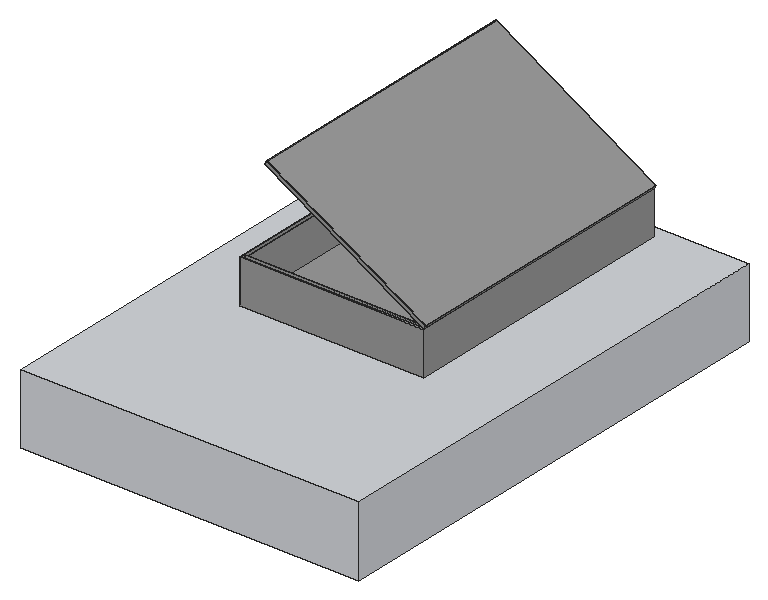
Revit family "Hager-Univers-IP44-D205-H1250-Cl.I-Encl-AT-de", category Equipement électrique, Revit 2020
Family settings
  Hôte = Face
  Configuration du panneau = Deux colonnes, circuits au sein
  Cote de connecteur circulaire = Utiliser le diamètre
  Type d'élément = Tableau de raccordement
  Couper avec des vides une fois chargée = Non
  Partagée = Non
  Point de calcul de pièce = Non
Parameters (values of type "Aufputz IP44 B800 H1250 T205  - FP83TN2")
  Width Control [instance] = if([EF000008 - Breite] > Min Width, [EF000008 - Breite], Min Width)  # 800 mm
  Commentaires du type = [HG000003 - Bereich]  # "Univers"
  Thickness Door [instance] = if([EF009171 - Materialstärke Tür/Deckel] > 3 mm, 3 mm, [EF009171 - Materialstärke Tür/Deckel])  # 1 mm
  Seal Frame Offset [instance] = 17 mm  # constant formula
  Plinth Visibility [instance] = [HG000027 - Sockelhöhe] > 0 mm  # no
  Model = ""
  Min Width [instance] = 100 mm  # constant formula
  Min Height [instance] = 100 mm  # constant formula
  Min Depth [instance] = (2 * [EF009170 - Materialstärke Gehäuse]) + 1 mm  # 3 mm
  Internal Frame Depth [instance] = (Door System Depth * 0.5)  # 9 mm
  Height Control [instance] = if([EF000040 - Höhe] > Min Height, [EF000040 - Höhe], Min Height)  # 1250 mm
  HG000027 - Sockelhöhe = 0 mm
  HG000026 - Stehend auf dem Boden = no
  HG000024 - Höhe des unteren Teils = 800 mm
  HG000023 - Gehäuse mit doppeltem Querschnitt = no
  HG000016 - 3D-Türsichtbarkeit [instance] = yes
  HG000015 - Sichtbarkeit der Türöffnung [instance] = no
  HG000014 - Tür rechts [instance] = yes
  HG000013 - Tür links [instance] = not([HG000014 - Tür rechts])  # no
  HG000012 - Türschwenkwinkel [instance] = 30.00°
  HG000010 - Asymmetrische Türen = no
  HG000009 - Doppelflügeligen Tür = no
  HG000006 - Unterputz = no
  HG000004 - Herstellerreferenz = "FP83TN2"
  HG000003 - Bereich = "Univers"
  HG000002 - Mit tür = yes
  Frame Offset Bottom [instance] = 10 mm  # constant formula
  Frame Offset [instance] = 15 mm  # constant formula
  EF015940 - Deckel mit Überdruckentlastung = no
  EF011959 - Schutzart (NEMA) = ""
  EF009554 - Anzahl der Öffnungen für Flanschplatten = 6
  Fabricant = "Hager"  # constant formula
  EF009212 - Ausführung Deckel = "EV000116 - geschlossen"
  EF009171 - Materialstärke Tür/Deckel = 1 mm
  EF009170 - Materialstärke Gehäuse = 1 mm
  EF008873 - Nennstrom (In) = 250 A
  EF007800 - Geeignet für Blitzschutz = no
  EF006306 - Mit Schloss = no
  EF006244 - Transparenter Deckel/Tür = no
  EF005474 - Schutzart (IP) = "EV006418 - IP44"
  EF004464 - Art der Tür = "EV002646 - Einzel"
  EF004427 - Anzahl der Module = 288
  EF004293 - Schlagfestigkeit = "EV006815 - IK09"
  EF003532 - Geeignet für Außengebrauch = no
  EF002950 - Breite in Teilungseinheiten = 36
  EF001613 - Funktionserhalt = "EV000494 - ohne"
  EF001596 - Werkstoff des Gehäuses = "EV000179 - Stahl"
  EF001131 - Innentiefe = 130 mm
  EF001088 - Anbaumöglichkeit = yes
  EF000437 - Anzahl der Leitungseinführungen = 6
  EF000339 - Art der Abdeckung = "EV001012 - Deckel"
  EF000266 - Anzahl der Reihen = 8
  EF000218 - Einbautiefe = 205 mm
  EF000118 - Mit Montageplatte = no
  EF000116 - RAL-Nummer = "9010"
  EF000049 - Tiefe = 205 mm
  EF000040 - Höhe = 1250 mm
  EF000008 - Breite = 800 mm
  EF000007 - Farbe = "EV000202 - weiß"
  EF000003 - Montageart = "EV000384 - Aufputz"
  Door System Leaf Tolerance [instance] = 1.5 mm  # constant formula
  Door System Depth [instance] = 18 mm  # constant formula
  Door Height [instance] = Height Control - [HG000027 - Sockelhöhe]  # 1250 mm
  Depth Control [instance] = if([EF000049 - Tiefe] > Min Depth, [EF000049 - Tiefe], Min Depth)  # 205 mm
  Default Elevation = 0 mm
  Connector Offset [instance] = Height Control / 2  # 625 mm
  Bottom Top Plate Trim [instance] = 1.5 mm  # constant formula
  Plinth height Ctrl [instance] = if([HG000027 - Sockelhöhe] > 0 mm, [HG000027 - Sockelhöhe], 12 mm)  # 12 mm
Types (4, lengths in mm): name | Width Control | HG000010 - Asymmetrische Türen | HG000009 - Doppelflügeligen Tür | HG000004 - Herstellerreferenz | EF009554 - Anzahl der Öffnungen für Flanschplatten | EF004464 - Art der Tür | EF004427 - Anzahl der Module | EF002950 - Breite in Teilungseinheiten | EF000437 - Anzahl der Leitungseinführungen | EF000008 - Breite
  Aufputz IP44 B1050 H1250 T205  - FP84TN2 | 1050 | no | yes | "FP84TN2" | 8 | "EV003602 - Doppel" | 384 | 48 | 8 | 1050
  Aufputz IP44 B1300 H1250 T205  - FP85TN2 | 1300 | yes | yes | "FP85TN2" | 10 | "EV003602 - Doppel" | 480 | 60 | 10 | 1300
  Aufputz IP44 B550 H1250 T205  - FP82TN2 | 550 | no | no | "FP82TN2" | 4 | "EV002646 - Einzel" | 192 | 24 | 4 | 550
  Aufputz IP44 B800 H1250 T205  - FP83TN2 | 800 | no | no | "FP83TN2" | 6 | "EV002646 - Einzel" | 288 | 36 | 6 | 800
Reference planes
  plane 1 "Center (Front/Back)": y = 0
  plane 2: z = 0
  plane 3 "Center (Left/Right)": x = 0
  plane 4: z = 205
  plane 5: y = 1
  plane 6: y = 625
  plane 7: y = 0
  plane 8: y = 1250
  plane 9: z = 0
  plane 10: x = -385
  plane 11: x = 385
  plane 12: x = 384
  plane 13: x = -384
  plane 14: y = 1249
  plane 15: x = -383
  plane 16: x = -400
  plane 17: x = 383
  plane 18: x = 400
  plane 19: x = 399
  plane 20: x = -399
  plane 21: y = 11
  plane 22: y = 1250
  plane 23: y = 1234
  plane 24: z = 187
  plane 25: z = 1
  plane 26: z = 186
  plane 27: z = 204
Forms (mm)
  Extrusion 1, solid
    sketch origin (0, 0, 0) x (1, 0, 0) y (0, 1, 0)
      loop
        line (-702.964, 1305) -> (-702.964, -811.445) -> (766.763, -811.445) -> (766.763, 1305) -> (-702.964, 1305)
    from 0 to -304.8
  Extrusion 2, solid, material "Hager_Steel_RAL7035_Light_Grey", visible <- "Plinth Visibility", detail levels medium+fine
    sketch origin (0, 0, 0) x (1, 0, 0) y (0, 1, 0)
      loop
        line (-400, 0) -> (400, 0) -> (400, 12) -> (-400, 12) -> (-400, 0)
    from 0 to 187
  Extrusion 3, solid, material "Hager_Steel_RAL7035_Light_Grey", detail levels medium+fine
    sketch origin (0, 0, 0) x (1, 0, 0) y (0, 1, 0)
      loop
        line (-400, 0) -> (400, 0) -> (400, 1250) -> (-400, 1250) -> (-400, 0)
    from 0 to 187
  Extrusion 4, void
    sketch origin (0, 0, 0) x (1, 0, 0) y (0, 1, 0)
      loop
        line (-399, 1) -> (399, 1) -> (399, 1249) -> (-399, 1249) -> (-399, 1)
    from 1 to 186
  Extrusion 5, void
    sketch origin (-381.607, -4572, 187) x (0, -1, 0) y (-1, 0, 0)
      loop
        line (-4583, 2.393) -> (-5806, 2.393) -> (-5806, -765.607) -> (-4583, -765.607) -> (-4583, 2.393)
    from 0 to 1 <- "EF009170 - Materialstärke Gehäuse"
  Extrusion 6, solid, material "Hager_Steel_RAL7035_Light_Grey", detail levels fine
    sketch origin (0, 0, 187) x (1, 0, 0) y (0, 1, 0)
      loop
        line (-384, 1234) -> (-384, 11) -> (384, 11) -> (384, 1234) -> (-384, 1234)
      loop
        line (-385, 10) -> (385, 10) -> (385, 1235) -> (-385, 1235) -> (-385, 10)
    from 0 to 9 <- "Internal Frame Depth"
  Extrusion 7, solid, material "Hager_Steel_RAL7035_Light_Grey", detail levels coarse
    sketch origin (0, 0, 0) x (1, 0, 0) y (0, 1, 0)
      loop
        line (-400, 0) -> (400, 0) -> (400, 1250) -> (-400, 1250) -> (-400, 0)
    from 0 to 205
  Sweep 8, void
    path in 3D
      loop
        line (-400, 12, 0) -> (400, 12, 0) -> (400, 12, 187) -> (-400, 12, 187) -> (-400, 12, 0)
    profile origin (-400, 12, 93.5) x (-1, 0, 0) y (0, -1, 0)
      loop
        line (0, 0) -> (0, 1.5) -> (-1.5, 1.5)
        arc (-1.5, 1.5) -> (-1.061, 0.439) -> (0, 0) r 1.5
Cuts and joins
  Extrusion 4, Extrusion 5 cuts Extrusion 3
  Sweep 8 cuts Extrusion 2
Lines and regions (mm)
  Masking region 1
    outline origin (0, 0, 0) x (1, 0, 0) y (0, 0, 1)
      loop
        line (-400, 205) -> (-400, 0) -> (400, 0) -> (400, 205) -> (-400, 205)
  Masking region 2, detail levels medium+fine
    outline origin (0, 140, 0) x (0, 1, 0) y (0, 0, 1)
      loop
        line (-140, 0) -> (1110, 0) -> (1110, 187) -> (-140, 187) -> (-140, 0)
  Masking region 3, not visible, detail levels medium+fine
    outline origin (0, 297.922, 0) x (0, 1, 0) y (0, 0, 1)
      loop
        line (338.578, 0) -> (378.578, 0) -> (378.578, 194)
        arc (378.578, 194) -> (375.649, 201.071) -> (368.578, 204) r 10
        line (368.578, 204) -> (338.578, 204) -> (338.578, 0)
  Masking region 4, detail levels coarse
    outline origin (0, 0, 180) x (0, 1, 0) y (0, 0, 1)
      loop
        line (0, -180) -> (1250, -180) -> (1250, 25) -> (0, 25) -> (0, -180)
  Masking region 5, visible <- "Plinth Visibility", detail levels medium+fine
    outline origin (0, 52.24, 12.345) x (0, 0, -1) y (0, 1, 0)
      loop
        line (10.845, -40.24) -> (-173.155, -40.24)
        arc (-173.155, -40.24) -> (-173.594, -41.301) -> (-174.655, -41.74) r 1.5
        line (-174.655, -41.74) -> (-174.655, -52.24) -> (12.345, -52.24) -> (12.345, -41.74)
        arc (12.345, -41.74) -> (11.285, -41.301) -> (10.845, -40.24) r 1.5
  Masking region 6, detail levels medium+fine
    outline origin (-381.607, -4572, 187) x (-1, 0, 0) y (0, -1, 0)
      loop
        line (18.393, -5822) -> (18.393, -4572) -> (-781.607, -4572) -> (-781.607, -5822) -> (18.393, -5822)
  Masking region 7, visible <- "Plinth Visibility", detail levels medium+fine
    outline origin (-381.607, -4727, 187) x (-1, 0, 0) y (0, -1, 0)
      loop
        arc (16.893, -4739) -> (17.332, -4737.939) -> (18.393, -4737.5) r 1.5
        line (18.393, -4737.5) -> (18.393, -4727) -> (-781.607, -4727) -> (-781.607, -4737.5)
        arc (-781.607, -4737.5) -> (-780.546, -4737.939) -> (-780.107, -4739) r 1.5
        line (-780.107, -4739) -> (16.893, -4739)
  Masking region 8, detail levels coarse
    outline origin (-442.548, -4669.526, 187) x (-1, 0, 0) y (0, -1, 0)
      loop
        line (-42.548, -5919.526) -> (-42.548, -4669.526) -> (-842.548, -4669.526) -> (-842.548, -5919.526) -> (-42.548, -5919.526)
  sketch lines
    curve 1: line (-400, 12, 187) -> (-400, 12, 0)
    curve 2: line (400, 12, 187) -> (-400, 12, 187)
    curve 3: line (400, 12, 187) -> (400, 12, 0)
    curve 4: line (-400, 12, 0) -> (400, 12, 0)
Dimensions and locks
  "Depth Control": plane 4 to Extrusion 1
  "HG000027 - Sockelhöhe": plane 1 "Center (Front/Back)" to plane 7
  "EF009170 - Materialstärke Gehäuse": plane 5 to plane 7
  locked: connector elem to plane 3 "Center (Left/Right)"
  equal spacing: plane 8, plane 6, plane 7
  locked: connector elem to plane 6
  "EF009170 - Materialstärke Gehäuse": plane 8 to plane 14
  "EF009170 - Materialstärke Gehäuse": plane 10 to plane 13
  "EF009170 - Materialstärke Gehäuse": plane 12 to plane 11
  "Frame Offset": plane 20 to plane 13
  "Frame Offset": plane 12 to plane 19
  "EF009170 - Materialstärke Gehäuse": plane 16 to plane 20
  "EF009170 - Materialstärke Gehäuse": plane 19 to plane 18
  "Seal Frame Offset": plane 16 to plane 15
  "Seal Frame Offset": plane 17 to plane 18
  "Frame Offset Bottom": plane 21 to plane 5
  "Frame Offset": plane 14 to plane 23
  equal spacing: plane 16, plane 3 "Center (Left/Right)", plane 18
  "Width Control": plane 16 to plane 18
  "EF009170 - Materialstärke Gehäuse": plane 4 to plane 27
  "EF009170 - Materialstärke Gehäuse": plane 24 to plane 26
  "EF009170 - Materialstärke Gehäuse": plane 25 to level
  "Door System Depth": plane 4 to plane 24
  "Height Control": plane 1 "Center (Front/Back)" to Extrusion 7 sketch curve
  "Height Control": Masking region 4 sketch curve to plane 1 "Center (Front/Back)"
  "Height Control": plane 1 "Center (Front/Back)" to plane 22
  "Bottom Top Plate Trim": profile plane to Sweep 8 sketch curve
  "Bottom Top Plate Trim": Sweep 8 sketch curve to profile plane
  "Plinth height Ctrl": plane 1 "Center (Front/Back)" to Extrusion 2 sketch curve
  "Plinth height Ctrl": Masking region 5 sketch curve to plane 1 "Center (Front/Back)"
  "Plinth height Ctrl": plane 1 "Center (Front/Back)" to Masking region 7 sketch curve
  "Thickness Door": Extrusion 6 sketch curve to Extrusion 6 sketch curve  (x3)
  "Thickness Door": cut or joined group of Extrusion 3, Extrusion 4, Extrusion 5 to Extrusion 6 sketch curve
  radius of Masking region 3 sketch curve = 10 mm
  "Bottom Top Plate Trim": radius of Masking region 5 sketch curve  (x2)
  "Bottom Top Plate Trim": radius of Sweep 8 sketch curve
  "Bottom Top Plate Trim": radius of Masking region 7 sketch curve  (x2)
  aligned and locked: plane 2 to Extrusion 1
  aligned and locked: level to Extrusion 1
  aligned and locked: level to Masking region 1 sketch curve
  aligned and locked: Masking region 1 sketch curve to plane 18
  aligned and locked: Masking region 1 sketch curve to plane 16
  aligned and locked: plane 7 to Masking region 2 sketch curve
  aligned and locked: level to Masking region 3 sketch curve
  aligned and locked: Masking region 3 sketch curve to plane 27
  aligned and locked: level to Masking region 2 sketch curve
  aligned and locked: plane 1 "Center (Front/Back)" to Extrusion 2 sketch curve
  aligned and locked: Extrusion 3 sketch curve to plane 7
  aligned and locked: plane 16 to Extrusion 3 sketch curve
  aligned and locked: plane 18 to Extrusion 3 sketch curve
  aligned and locked: plane 20 to Extrusion 4 sketch curve
  aligned and locked: plane 19 to Extrusion 4 sketch curve
  aligned and locked: Extrusion 4 sketch curve to plane 5
  aligned and locked: Extrusion 4 to plane 25
  aligned and locked: plane 26 to Extrusion 4
  aligned and locked: plane 24 to Extrusion 3
  aligned and locked: Extrusion 5 sketch curve to plane 21
  aligned and locked: Extrusion 5 sketch curve to plane 13
  aligned and locked: Extrusion 5 sketch curve to plane 12
  aligned and locked: plane 18 to Extrusion 7 sketch curve
  aligned and locked: plane 1 "Center (Front/Back)" to Extrusion 7 sketch curve
  aligned and locked: plane 16 to Extrusion 7 sketch curve
  aligned and locked: plane 4 to Extrusion 7
  aligned and locked: Extrusion 7 to level
  aligned and locked: level to Masking region 4 sketch curve
  aligned and locked: Masking region 4 sketch curve to plane 1 "Center (Front/Back)"
  aligned and locked: Masking region 4 sketch curve to plane 4
  aligned and locked: nested 1 to level
  aligned and locked: nested 1 to plane 16
  aligned and locked: plane 8 to Extrusion 3 sketch curve
  aligned and locked: plane 23 to Extrusion 5 sketch curve
  aligned and locked: plane 14 to Extrusion 4 sketch curve
  aligned and locked: Masking region 2 sketch curve to plane 8
  aligned and locked: level to Masking region 5 sketch curve
  aligned and locked: plane 16 to Extrusion 2 sketch curve
  aligned and locked: plane 18 to Extrusion 2 sketch curve
  aligned and locked: Masking region 5 sketch curve to plane 24
  aligned and locked: Masking region 2 sketch curve to plane 24
  aligned and locked: plane 24 to Extrusion 2
  aligned and locked: profile plane to Sweep 8 sketch curve  (x2)
  aligned and locked: Masking region 6 sketch curve to plane 18
  aligned and locked: Masking region 6 sketch curve to plane 22
  aligned and locked: Masking region 6 sketch curve to plane 16
  aligned and locked: plane 8 to plane 22
  aligned and locked: Masking region 6 sketch curve to plane 7
  aligned and locked: Masking region 7 sketch curve to plane 16
  aligned and locked: Masking region 7 sketch curve to plane 1 "Center (Front/Back)"
  aligned and locked: Masking region 7 sketch curve to plane 18
  aligned and locked: Masking region 8 sketch curve to plane 1 "Center (Front/Back)"
  aligned and locked: Masking region 8 sketch curve to plane 18
  aligned and locked: Masking region 8 sketch curve to plane 22
  aligned and locked: Masking region 8 sketch curve to plane 16
  aligned and locked: nested 2 to plane 7
  aligned and locked: plane 3 "Center (Left/Right)" to nested 2
  aligned and locked: nested 2 to plane 24
  aligned and locked: Extrusion 6 sketch curve to cut or joined group of Extrusion 3, Extrusion 4, Extrusion 5  (x4)
Automatic sketch dimensions
  Extrusion 1 sketch curve to Extrusion 1 sketch curve = 1469.727 mm
  Extrusion 1 sketch curve to Extrusion 1 sketch curve = 2116.445 mm
  Masking region 1 sketch curve to plane 4 = 0 mm
  plane 6 to Masking region 3 sketch curve = 11.5 mm
  Masking region 3 sketch curve to Masking region 3 sketch curve = 30 mm
  Masking region 5 sketch curve to plane 1 "Center (Front/Back)" = 0 mm
Nested families
  nested 1: "Hager_Enclosure_Symbol" at (-400, 0, 0) x (1, 0, 0) z (0, -1, 0), Height <- "Depth Control", Width <- "Width Control", type "Hager_Enclosure_Symbol"
    with Width_Ctrl 800 mm, Width 800 mm, Height_Ctrl 205 mm, Height 205 mm, A_Width_Int 13.453 mm, A_Width 161.438 mm, A_Height_Ctrl 179.375 mm, A_Height 179.375 mm
  nested 2: "EC000058_Univers_Door" at (0, 0, 187) x (1, 0, 0) z (0, 1, 0), Leaf_Tolerance <- "Door System Leaf Tolerance", Angle <- "HG000012 - Türschwenkwinkel", Door_Depth <- "Door System Depth", Door_Left <- "HG000013 - Tür links", Transparent <- "EF006244 - Transparenter Deckel/Tür", Assymetrical <- "HG000010 - Asymmetrische Türen", Width <- "Width Control", Clearance <- "HG000015 - Sichtbarkeit der Türöffnung", Double <- "HG000009 - Doppelflügeligen Tür", 3d_Door <- "HG000016 - 3D-Türsichtbarkeit", Lock_Visibility <- "EF006306 - Mit Schloss", Width_Ctrl <- "Width Control", Door_Right <- "HG000014 - Tür rechts", Door <- "HG000002 - Mit tür", Height <- "Door Height", Thickness <- "Thickness Door", type "EC000058_Univers_Door", detail levels medium+fine
    with min_wh 3 mm, Width_Ctrl 800 mm, Width 800 mm, Transparent no, Thickness 1 mm, Seal_Material Hager_Rubber, Lock_Visibility no, Lock_Material Hager_Plastic_RAL9005_Jet_Black, Leaf_Width 800 mm, Leaf_Tolerance_External_Sides 0 mm, Leaf_Tolerance 1.5 mm, Leaf_Offset 0 mm, Leaf_Height 1247 mm, Leaf_2_Width 800 mm, Leaf_2_Offset 400 mm, Leaf_1_Width 800 mm, Leaf_1_Offset 400 mm, Height_Ctrl 1250 mm, Height 1250 mm, Glass_Material Hager_Glass, Double_Clearance_Ctrl no, Double no, Door_Right_Ctrl yes, Door_Right yes, Door_Material Hager_Steel_RAL7035_Light_Grey, Door_Left_Ctrl no, Door_Left no, Door_Depth 18 mm, Door yes, Clearance_Material Hager_Clearance, Clearance_Depth 800 mm, Clearance_Ctrl no, Clearance no, Assymetrical no, Angle 30.00°, 3d_Door yes
Connectors
  electrical at (0, 625, 0)
    settings: on plane 9, index 1, voltage 0 V, apparent load 0 VA, apparent load phase1 0 VA, apparent load phase2 0 VA, apparent load phase3 0 VA, power factor 1, load classification "Other", number of poles 1, system type 30, power factor state 1, is connector primary yes, connector utility no, sub classification motor no, connector description ""
Definition of nested family "EC000058_Univers_Door"
  Parameters (values of type "EC000058_Univers_Door")
    min_wh [instance] = (2 * Thickness) + 1 mm  # 11 mm
    Width_Ctrl [instance] = 400 mm
    Width [instance] = 500 mm
    Transparent [instance] = yes
    Thickness [instance] = 5 mm
    Seal_Material [instance] = none
    Lock_Visibility [instance] = yes
    Lock_Material [instance] = none
    Leaf_Width [instance] = if((Width_Ctrl - 2 * Leaf_Tolerance_External_Sides) > 0 mm, (Width_Ctrl - 2 * Leaf_Tolerance_External_Sides), min_wh)  # 400 mm
    Leaf_Tolerance_External_Sides [instance] = 0 mm  # constant formula
    Leaf_Tolerance [instance] = 1.5 mm
    Leaf_Offset [instance] = 0 mm  # constant formula
    Leaf_Height [instance] = if((Height_Ctrl - 2 * Leaf_Tolerance) > 0 mm, (Height_Ctrl - 2 * Leaf_Tolerance), min_wh)  # 497 mm
    Leaf_2_Width [instance] = if(and(and(Double, Assymetrical), Door_Left), (Leaf_Width / 3) - (Leaf_Tolerance / 2), if(and(and(Double, Assymetrical), Door_Right), (Leaf_Width / 3) * 2 - (Leaf_Tolerance / 2), if(and(Double, not(Assymetrical)), (Leaf_Width / 2) - Leaf_Tolerance, Leaf_Width)))  # 400 mm
    Leaf_2_Offset [instance] = if(and(Double, Assymetrical), Leaf_2_Width / 2, if(and(Double, not(Assymetrical)), Leaf_Width / 4, Leaf_Width / 2))  # 200 mm
    Leaf_1_Width [instance] = if(and(and(Double, Assymetrical), Door_Right), (Leaf_Width / 3) - (Leaf_Tolerance / 2), if(and(and(Double, Assymetrical), Door_Left), (Width / 3) * 2 - (Leaf_Tolerance / 2), if(and(Double, not(Assymetrical)), (Leaf_Width / 2) - Leaf_Tolerance, Leaf_Width)))  # 400 mm
    Leaf_1_Offset [instance] = if(and(Double, Assymetrical), Leaf_1_Width / 2, if(and(Double, not(Assymetrical)), Leaf_Width / 4, Leaf_Width / 2))  # 200 mm
    Height_Ctrl [instance] = if(Height > min_wh, Height, min_wh)  # 500 mm
    Height [instance] = 500 mm
    Glass_Material [instance] = none
    Double_Clearance_Ctrl [instance] = and(Double, Clearance)  # no
    Double [instance] = no
    Door_Right_Ctrl [instance] = and(or(Door_Right, Double), Door)  # yes
    Door_Right [instance] = yes
    Door_Material [instance] = none
    Door_Left_Ctrl [instance] = and(or(Door_Left, Double), Door)  # no
    Door_Left [instance] = no
    Door_Depth [instance] = 30 mm
    Door [instance] = yes
    Default Elevation = 1219.2 mm
    Clearance_Material [instance] = none
    Clearance_Depth [instance] = if(Leaf_1_Width > Leaf_2_Width, Leaf_1_Width, Leaf_2_Width)  # 400 mm
    Clearance_Ctrl [instance] = and(not(Double), Clearance)  # yes
    Clearance [instance] = yes
    Assymetrical [instance] = yes
    Angle [instance] = 30.00°
    3d_Door [instance] = yes
  Reference planes
    plane 1 "Center (Front/Back)": y = 0
    plane 2 "Bottom": z = 0
    plane 3 "Center (Left/Right)": x = 0
    plane 4: z = 500
    plane 5: x = -200
    plane 6: x = 200
    plane 7: z = 500
    plane 8: x = -200
    plane 9: z = 0
    plane 10: x = 200
    plane 11: y = 0
    plane 12: z = 1.5
    plane 13: x = -600
    plane 14: y = -400
    plane 15: x = 600
    plane 16: x = 0
    plane 17: x = 0
    plane 18: x = -200
    plane 19: x = 200
    plane 20: z = 498.5
  Forms (mm)
    Extrusion 1, solid, material <- "Clearance_Material", visible <- "Double_Clearance_Ctrl"
      sketch origin (1200, 0, 0) x (1, 0, 0) y (0, 0, -1)
        loop
          line (-1800, -498.5) -> (-600, -498.5) -> (-600, 0) -> (-1800, 0) -> (-1800, -498.5)
      from 0 to -400
  Dimensions and locks
    equal spacing: plane 5, plane 3 "Center (Left/Right)", plane 6
    "Width_Ctrl": plane 5 to plane 6
    "Leaf_Offset": plane 5 to plane 8
    "Leaf_Offset": plane 6 to plane 10
    "Leaf_Offset": plane 9 to level
    "Leaf_Offset": plane 4 to plane 7
    "Height_Ctrl": plane 4 to level
    "Leaf_Tolerance": plane 12 to plane 9
    locked: plane 11 to plane 1 "Center (Front/Back)"
    "Leaf_1_Offset": plane 18 to plane 16
    "Leaf_2_Offset": plane 17 to plane 19
    "Leaf_1_Width": plane 13 to plane 8
    "Leaf_2_Width": plane 10 to plane 15
    "Clearance_Depth": plane 14 to plane 1 "Center (Front/Back)"
    "Leaf_Tolerance_External_Sides": plane 8 to plane 18
    "Leaf_Tolerance_External_Sides": plane 19 to plane 10
    "Leaf_Tolerance": plane 7 to plane 20
    aligned and locked: level to plane 2 "Bottom"
    aligned and locked: nested 1 to plane 16
    aligned and locked: nested 2 to plane 17
    aligned and locked: Extrusion 1 to plane 13
    aligned and locked: plane 15 to Extrusion 1
    aligned and locked: Extrusion 1 to plane 14
    aligned and locked: plane 12 to nested 1
    aligned and locked: nested 2 to plane 12
    aligned and locked: Extrusion 1 to plane 11
    aligned and locked: plane 20 to Extrusion 1
    aligned and locked: nested 2 to plane 11
    aligned and locked: nested 1 to plane 11
  Automatic sketch dimensions
    Extrusion 1 sketch curve to level = 0 mm
    plane 5 to Extrusion 1 sketch curve = 400 mm
    plane 6 to Extrusion 1 sketch curve = 400 mm
    Extrusion 1 sketch curve to plane 4 = 1.5 mm
  Nested families
    nested 1: "EC000058_Univers_Door_Leaf" at (0, 0, 1.5), Width <- "Leaf_1_Width", visible <- "Door_Left_Ctrl", Leaf_Height <- "Leaf_Height", Angle <- "Angle", 3d_Door <- "3d_Door", Transparent <- "Transparent", Clearance Material <- "Clearance_Material", Clearance <- "Clearance_Ctrl", Door_Material <- "Door_Material", Glass_Material <- "Glass_Material", Door_Depth <- "Door_Depth", Lock_Material <- "Lock_Material", Seal_Material <- "Seal_Material", Lock_Visibility <- "Lock_Visibility", Thickness <- "Thickness", type "EC000058_Univers_Door_Leaf"
      with Width 400 mm, Transparent_Glass_Offset 30 mm, Transparent_Ctrl yes, Transparent yes, Thickness 5 mm, Standard no, Seal_Material none, Seal_D2 8 mm, Seal_D1 1 mm, Offset_Internal_Frame 10 mm, Lock_Width 20 mm, Lock_Visibility_3d yes, Lock_Visibility yes, Lock_Thickness_3 3 mm, Lock_Thickness_2 1 mm, Lock_Thickness_1 3 mm, Lock_Radius_Offset_2 16 mm, Lock_Radius_Offset_1 15 mm, Lock_Radius_2 5 mm, Lock_Radius 6 mm, Lock_Offset 5 mm, Lock_Material none, Lock_Height 80 mm, Lock_Cover_Top_Offset_2d 17 mm, Lock_Cover_Height -65 mm, Leaf_Height 497 mm, Internal_Seal_Thickness 8 mm, Internal_Seal_Depth_2 4.5 mm, Internal_Frame_Depth 25 mm, Glass_Thickness -1 mm, Glass_Offset -2 mm, Glass_Material none, Door_Material none, Door_Depth 30 mm, Clearance Material none, Clearance yes, Angle_Ctrl 30.00°, Angle 30.00°, 3d_Door yes
    nested 2: "EC000058_Univers_Door_Leaf" at (0, 0, 1.5) x (-1, 0, 0) z (0, 0, 1), Width <- "Leaf_2_Width", visible <- "Door_Right_Ctrl", Leaf_Height <- "Leaf_Height", Angle <- "Angle", 3d_Door <- "3d_Door", Transparent <- "Transparent", Clearance Material <- "Clearance_Material", Clearance <- "Clearance_Ctrl", Door_Material <- "Door_Material", Glass_Material <- "Glass_Material", Door_Depth <- "Door_Depth", Lock_Material <- "Lock_Material", Seal_Material <- "Seal_Material", Lock_Visibility <- "Lock_Visibility", Thickness <- "Thickness", type "EC000058_Univers_Door_Leaf"
      with Width 400 mm, Transparent_Glass_Offset 30 mm, Transparent_Ctrl yes, Transparent yes, Thickness 5 mm, Standard no, Seal_Material none, Seal_D2 8 mm, Seal_D1 1 mm, Offset_Internal_Frame 10 mm, Lock_Width 20 mm, Lock_Visibility_3d yes, Lock_Visibility yes, Lock_Thickness_3 3 mm, Lock_Thickness_2 1 mm, Lock_Thickness_1 3 mm, Lock_Radius_Offset_2 16 mm, Lock_Radius_Offset_1 15 mm, Lock_Radius_2 5 mm, Lock_Radius 6 mm, Lock_Offset 5 mm, Lock_Material none, Lock_Height 80 mm, Lock_Cover_Top_Offset_2d 17 mm, Lock_Cover_Height -65 mm, Leaf_Height 497 mm, Internal_Seal_Thickness 8 mm, Internal_Seal_Depth_2 4.5 mm, Internal_Frame_Depth 25 mm, Glass_Thickness -1 mm, Glass_Offset -2 mm, Glass_Material none, Door_Material none, Door_Depth 30 mm, Clearance Material none, Clearance yes, Angle_Ctrl 30.00°, Angle 30.00°, 3d_Door yes
  Definition of nested family "EC000058_Univers_Door_Leaf"
    Parameters (values of type "EC000058_Univers_Door_Leaf")
      Width [instance] = 2000 mm
      Transparent_Glass_Offset [instance] = 30 mm
      Transparent_Ctrl [instance] = and(Transparent, [3d_Door])  # yes
      Transparent [instance] = yes
      Thickness [instance] = 5 mm
      Standard [instance] = and(not(Transparent), [3d_Door])  # no
      Seal_Material [instance] = none
      Seal_D2 [instance] = 8 mm  # constant formula
      Seal_D1 [instance] = 1 mm  # constant formula
      Offset_Internal_Frame [instance] = 10 mm  # constant formula
      Lock_Width [instance] = 20 mm  # constant formula
      Lock_Visibility_3d [instance] = and(Lock_Visibility, [3d_Door])  # yes
      Lock_Visibility [instance] = yes
      Lock_Thickness_3 [instance] = 3 mm  # constant formula
      Lock_Thickness_2 [instance] = 1 mm  # constant formula
      Lock_Thickness_1 [instance] = 3 mm  # constant formula
      Lock_Radius_Offset_2 [instance] = Lock_Radius_Offset_1 + 1 mm  # 16 mm
      Lock_Radius_Offset_1 [instance] = 15 mm  # constant formula
      Lock_Radius_2 [instance] = Lock_Radius - 1 mm  # 5 mm
      Lock_Radius [instance] = 6 mm  # constant formula
      Lock_Offset [instance] = 5 mm  # constant formula
      Lock_Material [instance] = none
      Lock_Height [instance] = 80 mm  # constant formula
      Lock_Cover_Top_Offset_2d [instance] = Lock_Radius_Offset_2 + 1 mm  # 17 mm
      Lock_Cover_Height [instance] = -(Lock_Height - Lock_Radius_Offset_1)  # -65 mm
      Leaf_Height [instance] = 2720.336 mm
      Internal_Seal_Thickness [instance] = 8 mm  # constant formula
      Internal_Seal_Depth_2 [instance] = 4.5 mm  # constant formula
      Internal_Frame_Depth [instance] = if(Door_Depth - Thickness > 5 mm, Door_Depth - Thickness, 5 mm)  # 25 mm
      Glass_Thickness [instance] = if(Thickness > 15 mm, Glass_Offset + 10 mm, -1 mm)  # -1 mm
      Glass_Offset [instance] = if(Thickness > 15 mm, -(Thickness + 10 mm) / 2, -2 mm)  # -2 mm
      Glass_Material [instance] = none
      Door_Material [instance] = none
      Door_Depth [instance] = 30 mm
      Default Elevation = 0 mm
      Clearance Material [instance] = none
      Clearance [instance] = yes
      Angle_Ctrl [instance] = if(Angle > 180.00°, 180.00°, Angle)  # 90.00°
      Angle [instance] = 90.00°
      3d_Door [instance] = yes
    Reference planes
      plane 1 "Center (Front/Back)": y = 0
      plane 2: z = 0
      plane 3 "Center (Left/Right)": x = 0
      plane 4: y = 2000
      plane 5: x = -1000
      plane 6: x = 1000
      plane 7: x = -3000
      plane 8: z = 2720.336
      plane 9: z = 30
      plane 10: z = 2690.336
      plane 11: x = 970
      plane 12: x = -970
      plane 13: y = -3
      plane 14: z = 107.833
      plane 15: y = -5
      plane 16: y = -223.314
      plane 17: x = -1000
      plane 18: z = 1360.168
      plane 19: y = 30
    Forms (mm)
      Extrusion 1, solid, material <- "Clearance Material", visible <- "Clearance"
        sketch origin (0, 0, 0) x (1, 0, 0) y (0, 0, 1)
          loop
            line (-3000, 2720.336) -> (-3000, 0) -> (1000, 0) -> (1000, 2720.336) -> (-3000, 2720.336)
        from 0 to -2000
      Extrusion 2, solid, material <- "Door_Material", visible <- "Standard", detail levels medium+fine
        sketch origin (-1000, 0, 0) x (0, 1, 0) y (-1, 0, 0)
          loop
            line (0, 30) -> (0, 25) -> (2000, 25) -> (2000, 30) -> (0, 30)
        from 0 to 2720.336 <- "Leaf_Height"
      Extrusion 3, solid, material <- "Door_Material", visible <- "Transparent_Ctrl", detail levels medium+fine
        sketch origin (-1000, 0, 0) x (0, 1, 0) y (-1, 0, 0)
          loop
            line (0, 25) -> (2000, 25) -> (2000, 30) -> (0, 30) -> (0, 25)
        from 0 to 2720.336 <- "Leaf_Height"
      Extrusion 4, void
        sketch origin (-1025, 2000, 0) x (0, 1, 0) y (0, 0, -1)
          loop
            line (-30, -2690.336) -> (-30, -30) -> (-1970, -30) -> (-1970, -2690.336) -> (-30, -2690.336)
        from 0 to 5 <- "Thickness"
      Sweep 5, solid, material <- "Seal_Material", visible <- "Transparent_Ctrl", detail levels fine
        path in 3D
          loop
            line (-1025, 30, 30) -> (-1025, 30, 2690.336) -> (-1025, 1970, 2690.336) -> (-1025, 1970, 30) -> (-1025, 30, 30)
        profile origin (-1025, 1000, 30) x (1, 0, 0) y (0, 0, 1)
          loop
            line (0, 0) -> (0, -8) -> (1, -8) -> (1, 0) -> (0, 0)
      Extrusion 6, solid, material <- "Glass_Material", visible <- "Transparent_Ctrl", detail levels medium+fine
        sketch origin (-1030, 0, 0) x (0, 1, 0) y (0, 0, -1)
          loop
            line (1970, -2690.336) -> (1970, -30) -> (30, -30) -> (30, -2690.336) -> (1970, -2690.336)
        from -2 <- "Glass_Offset" to -1 <- "Glass_Thickness"
      Extrusion 7, solid, material <- "Door_Material", visible <- "3d_Door", detail levels medium+fine
        sketch origin (-1025, 2000, 0) x (0, -1, 0) y (0, 0, -1)
          loop
            line (0, -2720.336) -> (2000, -2720.336) -> (2000, 0) -> (0, 0) -> (0, -2720.336)
          loop
            line (1995, -5) -> (5, -5) -> (5, -2715.336) -> (1995, -2715.336) -> (1995, -5)
        from 0 to 25 <- "Internal_Frame_Depth"
      Sweep 8, solid, material <- "Seal_Material", visible <- "Transparent_Ctrl", detail levels fine
        path in 3D
          loop
            line (-1025, 0, 0) -> (-1025, 2000, 0) -> (-1025, 2000, 2720.336) -> (-1025, 0, 2720.336) -> (-1025, 0, 0)
        profile origin (-1025, 0, 1360.168) x (1, 0, 0) y (0, 1, 0)
          loop
            line (0, 10) -> (2.975, 10)
            arc (2.975, 10) -> (4.053, 10.447) -> (4.5, 11.525) r 1.525
            line (4.5, 11.525) -> (4.5, 16.527)
            arc (4.5, 16.527) -> (4.069, 17.569) -> (3.027, 18) r 1.473
            line (3.027, 18) -> (0, 18) -> (0, 10)
      Extrusion 9, solid, material <- "Lock_Material", visible <- "Lock_Visibility_3d", detail levels fine
        sketch origin (-1030, 0, 0) x (0, 1, 0) y (0, 0, -1)
          loop
            arc (1993.5, -1400.168) -> (1994.561, -1399.729) -> (1995, -1398.668) r 1.5
            line (1995, -1398.668) -> (1995, -1320.168) -> (1975, -1320.168) -> (1975, -1398.668)
            arc (1975, -1398.668) -> (1975.439, -1399.729) -> (1976.5, -1400.168) r 1.5
            line (1976.5, -1400.168) -> (1993.5, -1400.168)
        from 3 <- "Lock_Thickness_1" to 0
      Blend 10, solid, material <- "Lock_Material", visible <- "Lock_Visibility_3d", detail levels fine
        base sketch origin (-1033, 0, 0) x (0, 1, 0) y (0, 0, -1)
          loop
            line (1975, -1320.168) -> (1975, -1398.668)
            arc (1975, -1398.668) -> (1975.439, -1399.729) -> (1976.5, -1400.168) r 1.5
            line (1976.5, -1400.168) -> (1993.5, -1400.168)
            arc (1993.5, -1400.168) -> (1994.561, -1399.729) -> (1995, -1398.668) r 1.5
            line (1995, -1398.668) -> (1995, -1320.168) -> (1975, -1320.168)
        top sketch origin (-1033, 0, 0) x (0, 1, 0) y (0, 0, -1)
          loop
            line (1976, -1320.168) -> (1976, -1398.668)
            arc (1976, -1398.668) -> (1976.146, -1399.022) -> (1976.5, -1399.168) r 0.5
            line (1976.5, -1399.168) -> (1993.5, -1399.168)
            arc (1993.5, -1399.168) -> (1993.854, -1399.022) -> (1994, -1398.668) r 0.5
            line (1994, -1398.668) -> (1994, -1320.168) -> (1976, -1320.168)
        from 0 to 1 <- "Lock_Thickness_2"
      Blend 11, solid, material <- "Lock_Material", visible <- "Lock_Visibility_3d", detail levels fine
        base sketch origin (-1034, 0, 0) x (0, 1, 0) y (0, 0, -1)
          loop
            line (1978, -1320.168) -> (1978, -1384.168)
            arc (1978, -1384.168) -> (1985, -1391.168) -> (1992, -1384.168) r 7
            line (1992, -1384.168) -> (1992, -1320.168) -> (1978, -1320.168)
        top sketch origin (-1034, 0, 0) x (0, 1, 0) y (0, 0, -1)
          loop
            line (1991, -1320.168) -> (1979, -1320.168) -> (1979, -1383.168)
            arc (1979, -1383.168) -> (1985, -1389.168) -> (1991, -1383.168) r 6
            line (1991, -1383.168) -> (1991, -1320.168)
        from 0 to 3 <- "Lock_Thickness_3"
      Extrusion 12, solid, material <- "Lock_Material", visible <- "Lock_Visibility_3d", detail levels fine
        sketch origin (-1030, 1975, 1320.168) x (1, 0, 0) y (0, -1, 0)
          loop
            line (-7, -19) -> (-7, -1) -> (0, -1) -> (0, 0) -> (-8, 0) -> (-8, -20) -> (0, -20) -> (0, -19) -> (-7, -19)
        from 0 to -65 <- "Lock_Cover_Height"
      Extrusion 13, void
        sketch origin (-1038, 1995, 1320.168) x (-1, 0, 0) y (0, 0, -1)
          loop
            line (-5, -65) -> (0, -65) -> (-5, -60) -> (-5, -65)
        from 0 to 20 <- "Lock_Width"
      Extrusion 14, void
        sketch origin (-1038, 1975, 1320.168) x (0, -1, 0) y (0, 0, -1)
          loop
            circle (-10, -15.995) r 6
          loop
            circle (-10, -15.995) r 5
        from 0 to 2
      Extrusion 15, solid, material <- "Lock_Material", visible <- "Lock_Visibility_3d", detail levels medium
        sketch origin (-1030, 0, 0) x (0, 1, 0) y (0, 0, -1)
          loop
            arc (1993.5, -1400.168) -> (1994.561, -1399.729) -> (1995, -1398.668) r 1.5
            line (1995, -1398.668) -> (1995, -1320.168) -> (1975, -1320.168) -> (1975, -1398.668)
            arc (1975, -1398.668) -> (1975.439, -1399.729) -> (1976.5, -1400.168) r 1.5
            line (1976.5, -1400.168) -> (1993.5, -1400.168)
        from 8 to 0
    Cuts and joins
      Extrusion 4 cuts Extrusion 3
      Extrusion 13, Extrusion 14 cuts Extrusion 9
      Extrusion 14 cuts Blend 11
      Extrusion 13, Extrusion 14 cuts Extrusion 12
      joined: Extrusion 9, Blend 10, Blend 11, Extrusion 12
      Extrusion 14 cuts Extrusion 15
    Lines and regions (mm)
      Masking region 1, visible <- "Lock_Visibility", detail levels fine
        outline origin (0, 0, 0) x (0, 1, 0) y (0, 0, 1)
          loop
            line (30, 1320.168) -> (33, 1320.168) -> (33, 1400.168) -> (30, 1400.168) -> (30, 1320.168)
      Masking region 2, visible <- "Lock_Visibility", detail levels fine
        outline origin (0, 3.143, 0) x (0, 1, 0) y (0, 0, 1)
          loop
            line (29.857, 1354.168) -> (30.857, 1354.168) -> (30.857, 1366.168) -> (29.857, 1366.168) -> (29.857, 1354.168)
      Masking region 3, detail levels medium+fine
        outline origin (0, 0, 0) x (0, 1, 0) y (0, 0, 1)
          loop
            line (0, 0) -> (30, 0) -> (30, 2720.336) -> (0, 2720.336) -> (0, 0)
      Masking region 4, detail levels medium+fine
        outline origin (0, 0, 0) x (1, 0, 0) y (0, 0, 1)
          loop
            line (-1000, 2720.336) -> (-1000, 0) -> (1000, 0) -> (1000, 2720.336) -> (-1000, 2720.336)
      Masking region 5, visible <- "Lock_Visibility", detail levels fine
        outline origin (-47.116, 0, 0) x (1, 0, 0) y (0, 0, 1)
          loop
            arc (1024.616, 1399.168) -> (1023.556, 1398.729) -> (1023.116, 1397.668) r 1.5
            line (1023.116, 1397.668) -> (1023.116, 1320.168) -> (1041.116, 1320.168) -> (1041.116, 1397.668)
            arc (1041.116, 1397.668) -> (1040.677, 1398.729) -> (1039.616, 1399.168) r 1.5
            line (1039.616, 1399.168) -> (1024.616, 1399.168)
      Masking region 6, visible <- "Lock_Visibility", detail levels medium+fine
        outline origin (-25, 0, 0) x (1, 0, 0) y (0, 0, 1)
          loop
            arc (1001.5, 1400.168) -> (1000.439, 1399.729) -> (1000, 1398.668) r 1.5
            line (1000, 1398.668) -> (1000, 1320.168) -> (1020, 1320.168) -> (1020, 1398.668)
            arc (1020, 1398.668) -> (1019.561, 1399.729) -> (1018.5, 1400.168) r 1.5
            line (1018.5, 1400.168) -> (1001.5, 1400.168)
      Masking region 7, visible <- "Lock_Visibility", detail levels fine
        outline origin (-73.735, 0, 0) x (1, 0, 0) y (0, 0, 1)
          loop
            line (1051.735, 1382.168) -> (1065.735, 1382.168) -> (1065.735, 1384.168)
            arc (1065.735, 1384.168) -> (1058.735, 1391.168) -> (1051.735, 1384.168) r 7
            line (1051.735, 1384.168) -> (1051.735, 1382.168)
      Masking region 8, visible <- "Lock_Visibility", detail levels fine
        outline origin (-73.735, 0, 0) x (1, 0, 0) y (0, 0, 1)
          loop
            line (1052.735, 1382.168) -> (1064.735, 1382.168) -> (1064.735, 1383.168)
            arc (1064.735, 1383.168) -> (1058.735, 1389.168) -> (1052.735, 1383.168) r 6
            line (1052.735, 1383.168) -> (1052.735, 1382.168)
      Masking region 9, visible <- "Lock_Visibility", detail levels fine
        outline origin (-25, 0, 0) x (1, 0, 0) y (0, 0, 1)
          loop
            line (1020, 1320.168) -> (1020, 1382.168) -> (1000, 1382.168) -> (1000, 1320.168) -> (1020, 1320.168)
      Masking region 10, detail levels medium+fine
        outline origin (0, 0, 0) x (1, 0, 0) y (0, 0, 1)
          loop
            circle (985, 1335.144) r 6
      Masking region 11, detail levels fine
        outline origin (0, 0, 0) x (1, 0, 0) y (0, 0, 1)
          loop
            circle (985, 1335.144) r 5
      Masking region 12, visible <- "Lock_Visibility", detail levels fine
        outline origin (0, 12.767, 0) x (0, 1, 0) y (0, 0, 1)
          loop
            line (20.233, 1320.168) -> (21.233, 1320.168) -> (21.233, 1399.168) -> (20.233, 1400.168) -> (20.233, 1320.168)
      Masking region 13, visible <- "Lock_Visibility", detail levels fine
        outline origin (0, 13.767, -10) x (0, 1, 0) y (0, 0, 1)
          loop
            line (20.233, 1330.168) -> (23.233, 1330.168) -> (23.233, 1399.168) -> (20.233, 1402.168) -> (20.233, 1330.168)
      Masking region 14, visible <- "Lock_Visibility", detail levels fine
        outline origin (0, 12.767, -10) x (0, 1, 0) y (0, 0, 1)
          loop
            line (20.233, 1330.168) -> (25.233, 1330.168) -> (25.233, 1399.305) -> (20.233, 1394.305) -> (20.233, 1330.168)
      Masking region 15, visible <- "Lock_Visibility", detail levels medium
        outline origin (0, 0, 0) x (0, 1, 0) y (0, 0, 1)
          loop
            line (30, 1320.168) -> (38, 1320.168) -> (38, 1400.168) -> (30, 1400.168) -> (30, 1320.168)
      Masking region 16, visible <- "Lock_Visibility", detail levels fine
        outline origin (-1000, 0, 0) x (0, 1, 0) y (-1, 0, 0)
          loop
            line (1975, 30) -> (1995, 30) -> (1995, 38) -> (1975, 38) -> (1975, 30)
          loop
            line (1979, 37) -> (1976, 37) -> (1976, 34) -> (1978, 34) -> (1979, 37)
          loop
            line (1994, 37) -> (1991, 37) -> (1992, 34) -> (1994, 34) -> (1994, 37)
      Masking region 17, visible <- "Lock_Visibility", detail levels medium
        outline origin (-1000, 0, 0) x (0, 1, 0) y (-1, 0, 0)
          loop
            line (1975, 30) -> (1995, 30) -> (1995, 38) -> (1975, 38) -> (1975, 30)
      symbolic lines
        curve 1: line (1000, 0, 0) -> (-3000, 0, 0)
        curve 2: arc (1000, 0, 0) -> (-1000, 2000, 0) -> (-3000, 0, 0) r 2000
        curve 4: line (-1030, 0, 0) -> (-1030, 2000, 0)
      reference lines
        curve 3: line (-1000, 0, 0) -> (-1000, 2000, 0)
      symbolic lines, detail levels medium+fine
        curve 5: line (-1030, 2000, 0) -> (-1025, 2000, 0)
        curve 7: line (-1025, 0, 0) -> (-1030, 0, 0)
        curve 8: line (-1025, 0, 0) -> (-1000, 0, 0)
        curve 9: line (-1000, 0, 0) -> (-1000, 2000, 0)
        curve 10: line (-1000, 2000, 0) -> (-1025, 2000, 0)
      symbolic lines, detail levels fine
        curve 6: line (-1025, 2000, 0) -> (-1025, 0, 0)
      sketch lines
        curve 11: line (-1025, 0, 2720.336) -> (-1025, 0, 0)
        curve 12: line (-1025, 2000, 0) -> (-1025, 0, 0)
        curve 13: line (-1025, 2000, 2720.336) -> (-1025, 2000, 0)
        curve 14: line (-1025, 0, 2720.336) -> (-1025, 2000, 2720.336)
        curve 15: line (-1025, 1970, 30) -> (-1025, 30, 30)
        curve 16: line (-1025, 30, 30) -> (-1025, 30, 2690.336)
        curve 17: line (-1025, 1970, 2690.336) -> (-1025, 1970, 30)
        curve 18: line (-1025, 30, 2690.336) -> (-1025, 1970, 2690.336)
      symbolic lines, visible <- "Transparent", detail levels medium+fine
        curve 19: line (-970, 0, 2690.336) -> (970, 0, 2690.336)
        curve 20: line (-970, 0, 30) -> (-970, 0, 2690.336)
        curve 21: line (970, 0, 30) -> (-970, 0, 30)
        curve 22: line (970, 0, 2690.336) -> (970, 0, 30)
    Dimensions and locks
      "Width": plane 1 "Center (Front/Back)" to plane 4
      equal spacing: plane 5, plane 3 "Center (Left/Right)", plane 6
      "Width": plane 5 to plane 6
      "Width": plane 7 to plane 5
      "Leaf_Height": plane 8 to level
      "Width": curve 5 to curve 3
      "Width": curve 3 to curve 3
      plane 8 to plane 10 = 30 mm
      plane 9 to level = 30 mm
      plane 12 to plane 5 = 30 mm
      plane 6 to plane 11 = 30 mm
      Extrusion 1 to Extrusion 4 sketch curve = 30 mm
      "Transparent_Glass_Offset": curve 3 to Extrusion 4 sketch curve
      "Transparent_Glass_Offset": Extrusion 4 sketch curve to cut or joined group of Extrusion 3, Extrusion 4  (x2)
      cut or joined group of Extrusion 3, Extrusion 4 to Extrusion 6 sketch curve = 30 mm
      "Transparent_Glass_Offset": cut or joined group of Extrusion 3, Extrusion 4 to Extrusion 4 sketch curve
      "Thickness": curve 6 to curve 4
      "Thickness": Extrusion 7 sketch curve to Extrusion 7 sketch curve  (x4)
      "Door_Depth": curve 4 to curve 3
      "Offset_Internal_Frame": profile plane to Sweep 8 sketch curve
      "Internal_Seal_Thickness": Sweep 8 sketch curve to Sweep 8 sketch curve
      "Internal_Seal_Depth_2": profile plane to Sweep 8 sketch curve
      "Seal_D1": profile plane to Sweep 5 sketch curve
      "Seal_D2": profile plane to Sweep 5 sketch curve
      "Thickness": Extrusion 2 sketch curve to Extrusion 2 sketch curve
      equal spacing: Extrusion 9 sketch curve, plane 18, Extrusion 9 sketch curve  (x2)
      equal spacing: Masking region 1 sketch curve, plane 18, Masking region 1 sketch curve
      "Lock_Height": Masking region 1 sketch curve to Masking region 1 sketch curve
      "Lock_Radius": Masking region 2 sketch curve to plane 18 to Masking region 2 sketch curve
      Masking region 2 sketch curve to Masking region 1 = 1 mm
      "Door_Depth": plane 19 to plane 1 "Center (Front/Back)"
      "Lock_Thickness_1": Masking region 1 sketch curve to plane 19
      "Lock_Width": Extrusion 9 sketch curve to Extrusion 9 sketch curve
      "Lock_Height": Extrusion 9 sketch curve to Extrusion 9 sketch curve
      "Lock_Offset": cut or joined group of Extrusion 3, Extrusion 4 to Extrusion 9 sketch curve
      equal spacing: plane 8, plane 18, level
      "Lock_Radius_Offset_1": Blend 11 sketch curve to Blend 10
      locked: Blend 10 to Blend 11 sketch curve at 2  (x2)
      locked: var sketch to Blend 11 sketch curve at 1  (x2)
      "Lock_Radius_Offset_2": Blend 11 sketch curve to Blend 10
      locked: Extrusion 12 sketch curve to Extrusion 12 sketch curve at 1  (x3)
      Masking region 6 sketch curve to Masking region 6 sketch curve = 80 mm
      "Lock_Height": Masking region 6 sketch curve to Masking region 6 sketch curve
      "Lock_Width": Masking region 6 sketch curve to Masking region 6 sketch curve
      locked: Masking region 6 to Masking region 5 sketch curve at 1  (x3)
      locked: Masking region 5 to Masking region 7 sketch curve at 2  (x2)
      "Lock_Radius_Offset_1": Masking region 5 to Masking region 7 sketch curve
      "Lock_Radius_Offset_2": Masking region 5 to Masking region 8 sketch curve
      locked: Masking region 7 to Masking region 8 sketch curve at 1  (x2)
      "Lock_Cover_Top_Offset_2d": Masking region 5 to Masking region 9 sketch curve
      equal spacing: Masking region 9, Masking region 10 sketch curve, Masking region 9
      equal spacing: Masking region 9, Masking region 11 sketch curve, Masking region 9
      Extrusion 15 sketch curve to Extrusion 15 sketch curve = 80 mm
      "Lock_Width": Extrusion 15 sketch curve to Extrusion 15 sketch curve
      "Lock_Height": Extrusion 15 sketch curve to Extrusion 15 sketch curve
      equal spacing: Extrusion 15 sketch curve, plane 18, Extrusion 15 sketch curve
      "Lock_Thickness_3": Masking region 13 sketch curve to Masking region 13 sketch curve
      "Lock_Height": Masking region 12 sketch curve to Masking region 12 sketch curve
      locked: Masking region 13 sketch curve to Masking region 1 at 8
      locked: Masking region 14 sketch curve to Masking region 13 at 1
      locked: Masking region 14 sketch curve to Masking region 1 at 10.863
      "Lock_Height": Masking region 15 sketch curve to Masking region 15 sketch curve
      "Lock_Offset": Extrusion 15 sketch curve to cut or joined group of Extrusion 3, Extrusion 4
      "Lock_Offset": plane 6 to Masking region 6 sketch curve
      radius of Sweep 8 sketch curve = 1.525 mm
      radius of Sweep 8 sketch curve = 1.473 mm
      radius of Extrusion 9 sketch curve = 1.5 mm  (x2)
      "Lock_Radius": radius of Extrusion 14 sketch curve
      "Lock_Radius_2": radius of Extrusion 14 sketch curve
      "Lock_Radius": radius of Masking region 10 sketch curve
      "Lock_Radius_2": radius of Masking region 11 sketch curve
      radius of Extrusion 15 sketch curve = 1.5 mm  (x2)
      "Angle_Ctrl": angle plane 1 "Center (Front/Back)" to curve 3
      locked: Masking region 12 sketch curve to Masking region 12 sketch curve (angle 45.00°)
      locked: Masking region 13 sketch curve to Masking region 13 sketch curve (angle 45.00°)
      locked: Masking region 14 sketch curve to Masking region 14 sketch curve (angle 45.00°)
      aligned and locked: level to plane 2
      aligned and locked: Extrusion 1 to curve 1
      aligned and locked: plane 6 to Extrusion 1
      aligned and locked: Extrusion 1 to plane 1 "Center (Front/Back)"
      aligned and locked: plane 4 to Extrusion 1
      aligned and locked: plane 8 to Extrusion 1
      aligned and locked: curve 7 to Extrusion 2 sketch curve
      aligned and locked: curve 5 to Extrusion 2 sketch curve
      aligned and locked: curve 7 to Extrusion 3 sketch curve
      aligned and locked: Extrusion 3 sketch curve to curve 4
      aligned and locked: Extrusion 3 sketch curve to curve 6
      aligned and locked: Extrusion 3 sketch curve to curve 5
      aligned and locked: curve 9 to curve 3
      aligned and locked: Extrusion 7 sketch curve to cut or joined group of Extrusion 3, Extrusion 4  (x4)
      aligned and locked: plane 17 to curve 3
      aligned and locked: plane 1 "Center (Front/Back)" to curve 3
      aligned and locked: plane 17 to plane 5
      aligned and locked: Sweep 8 sketch curve to profile plane
      aligned and locked: Sweep 5 sketch curve to profile plane  (x2)
      aligned and locked: Masking region 1 to Masking region 2 sketch curve
      aligned and locked: plane 19 to Masking region 1 sketch curve
      aligned and locked: plane 1 "Center (Front/Back)" to Masking region 3 sketch curve
      aligned and locked: plane 19 to Masking region 3 sketch curve
      aligned and locked: level to Masking region 3 sketch curve
      aligned and locked: Masking region 3 sketch curve to plane 8
      aligned and locked: plane 17 to Masking region 4 sketch curve
      aligned and locked: level to Masking region 4 sketch curve
      aligned and locked: Masking region 4 sketch curve to plane 8
      aligned and locked: plane 12 to curve 20
      aligned and locked: plane 10 to curve 19
      aligned and locked: plane 11 to curve 22
      aligned and locked: curve 21 to plane 9
      aligned and locked: Extrusion 2 sketch curve to cut or joined group of Extrusion 3, Extrusion 4
      aligned and locked: Blend 10 sketch curve to Extrusion 9  (x4)
      aligned and locked: Extrusion 9 to Blend 10 sketch curve
      aligned and locked: Blend 10 to Blend 11 sketch curve
      aligned and locked: Extrusion 12 sketch curve to Blend 11
      aligned and locked: Extrusion 12 sketch curve to Extrusion 9  (x4)
      aligned and locked: Masking region 5 sketch curve to Masking region 6
      aligned and locked: Masking region 9 sketch curve to Masking region 6  (x3)
      aligned and locked: Masking region 12 sketch curve to Masking region 1
      aligned and locked: Masking region 13 sketch curve to Masking region 1
      aligned and locked: Masking region 12 to Masking region 14
      aligned and locked: Masking region 14 sketch curve to Masking region 1
      aligned and locked: Masking region 15 sketch curve to Masking region 14
      aligned and locked: Masking region 13 sketch curve to Masking region 12
      aligned and locked: Masking region 16 sketch curve to cut or joined group of Extrusion 14, Extrusion 15  (x4)
      aligned and locked: Masking region 16 sketch curve to cut or joined group of Extrusion 9, Blend 10, Blend 11, Extrusion 12, Extrusion 13, Extrusion 14  (x6)
      aligned and locked: cut or joined group of Extrusion 9, Blend 10, Blend 11, Extrusion 12, Extrusion 13, Extrusion 14 to Masking region 16 sketch curve
      aligned and locked: Masking region 17 sketch curve to cut or joined group of Extrusion 14, Extrusion 15  (x3)
      aligned and locked: Masking region 17 sketch curve to cut or joined group of Extrusion 9, Blend 10, Blend 11, Extrusion 12, Extrusion 13, Extrusion 14
      aligned and locked: Masking region 9 to Masking region 8 sketch curve
      aligned and locked: Masking region 9 to Masking region 7 sketch curve
    Automatic sketch dimensions
      plane 1 "Center (Front/Back)" to curve 2 = 0 mm
      curve 2 to plane 5 = 0 mm
      Extrusion 1 sketch curve to level = 0 mm
      Extrusion 1 sketch curve to plane 7 = 0 mm
      Extrusion 1 sketch curve to plane 6 = 0 mm
      Extrusion 1 sketch curve to plane 8 = 0 mm
      Extrusion 3 to Extrusion 6 sketch curve = 30 mm  (x4)
      Masking region 4 sketch curve to plane 6 = 0 mm
      Blend 10 sketch curve to Extrusion 9 = 1.5 mm
      Blend 10 sketch curve to Extrusion 9 = 1 mm
      Extrusion 13 sketch curve to Extrusion 12 = 0 mm  (x2)
      Extrusion 12 to Extrusion 13 sketch curve = 3 mm
      Extrusion 13 sketch curve to Extrusion 12 = 5 mm
      Extrusion 14 sketch curve to Extrusion 14 sketch curve = 0 mm  (x2)
      Extrusion 14 sketch curve to Extrusion 12 = 10 mm
      Extrusion 14 sketch curve to Extrusion 12 = 15.995 mm
      Masking region 5 sketch curve to Masking region 5 sketch curve = 1.5 mm  (x2)
      Masking region 10 sketch curve to plane 18 = 25.024 mm
      Masking region 11 sketch curve to plane 18 = 25.024 mm
      plane 19 to Masking region 14 sketch curve = 3 mm
      Masking region 16 sketch curve to Masking region 16 sketch curve = 3 mm
      curve 4 to curve 3 = 0 mm
      Blend 10 to Blend 11 sketch curve = 0 mm
      Masking region 6 sketch curve to Masking region 6 sketch curve = 1.5 mm  (x2)
      Masking region 6 sketch curve to plane 18 = 40 mm
      plane 19 to Masking region 12 sketch curve = 3 mm
      Masking region 12 sketch curve to Masking region 12 sketch curve = 1 mm
      Masking region 15 sketch curve to plane 19 = 0 mm
      Masking region 15 sketch curve to plane 18 = 40 mm
      radius of Blend 10 sketch curve to Extrusion 9 = 1 mm
Definition of nested family "Hager_Enclosure_Symbol"
  Parameters (values of type "Hager_Enclosure_Symbol")
    Width_Ctrl [instance] = if(Width > 1 mm, Width, 1 mm)  # 102.27 mm
    Width [instance] = 102.27 mm
    Height_Ctrl [instance] = if(Height > 1 mm, Height, 1 mm)  # 66.5 mm
    A_Width_Int [instance] = if(A_Width / 12 > 2 mm, A_Width / 12, 2 mm)  # 4.364 mm
    A_Width [instance] = if(A_Height_Ctrl * 0.9 > 2 mm, A_Height_Ctrl * 0.9, 2 mm)  # 52.369 mm
    A_Height_Ctrl [instance] = if(A_Height > 2 mm, A_Height, 2 mm)  # 58.188 mm
    Height [instance] = 66.5 mm
    A_Height [instance] = Height - (Height / 8)  # 58.188 mm
  Reference planes
    plane 1 "Centre (avant/arrière)": y = 0
    plane 2: z = 0
    plane 3 "Centre (gauche/droite)": x = 0
    plane 4: x = 52.369
    plane 5: y = 33.042
    plane 6: y = 41.77
    plane 7: y = 66.5
    plane 8: x = 26.184
    plane 9: y = 37.406
    plane 10: x = 102.27
    plane 11: y = 66.5
    plane 12: y = 8.313
  Lines and regions (mm)
    Filled region 1, type "Solid_Black", in view "Niveau de réf."
      outline origin (0, 0, 0) x (1, 0, 0) y (0, 1, 0)
        loop
          line (52.369, 66.5) -> (33.188, 54.536) -> (45.365, 45.006) -> (52.369, 66.5)
    Filled region 2, type "Solid_Black", in view "Niveau de réf."
      outline origin (0, 0, 0) x (1, 0, 0) y (0, 1, 0)
        loop
          line (0, 0) -> (102.27, 0) -> (102.27, 66.5) -> (0, 0)
    detail lines, in view "Niveau de réf."
      curve 1: line (0, 8.313, 0) -> (26.184, 41.77, 0)
      curve 2: line (26.184, 41.77, 0) -> (26.184, 33.042, 0)
      curve 3: line (26.184, 33.042, 0) -> (52.369, 66.5, 0)
  Dimensions and locks
    "A_Width": plane 3 "Centre (gauche/droite)" to plane 4
    equal spacing: plane 3 "Centre (gauche/droite)", plane 8, plane 4
    equal spacing: plane 6, plane 9, plane 5
    equal spacing: curve 3, Filled region 1 sketch curve, Filled region 1 sketch curve
    "Height_Ctrl": plane 1 "Centre (avant/arrière)" to plane 11
    "A_Height_Ctrl": plane 11 to plane 12
    equal spacing: plane 11, plane 9, plane 12
    "A_Width_Int": plane 6 to plane 9
    "Width_Ctrl": plane 3 "Centre (gauche/droite)" to plane 10
    angle Filled region 1 sketch curve to curve 3 = 20.00°
    angle curve 3 to Filled region 1 sketch curve = 20.00°
    locked: curve 3 to Filled region 1 sketch curve (angle 90.00°)
    aligned and locked: plane 10 to Filled region 2
    aligned and locked: plane 11 to Filled region 2 sketch curve
    aligned and locked: plane 10 to Filled region 2 sketch curve
    aligned and locked: plane 3 "Centre (gauche/droite)" to curve 1
    aligned and locked: plane 12 to curve 1
    aligned and locked: plane 7 to plane 11
  Automatic sketch dimensions
    Filled region 1 sketch curve to plane 4 = 0 mm
    Filled region 1 sketch curve to plane 7 = 0 mm
    plane 1 "Centre (avant/arrière)" to Filled region 2 sketch curve = 0 mm
    Filled region 2 sketch curve to plane 3 "Centre (gauche/droite)" = 0 mm
    curve 2 to plane 6 = 0 mm
    curve 2 to plane 8 = 0 mm
    curve 3 to plane 4 = 0 mm
    curve 2 to plane 5 = 0 mm
    curve 3 to plane 7 = 0 mm
